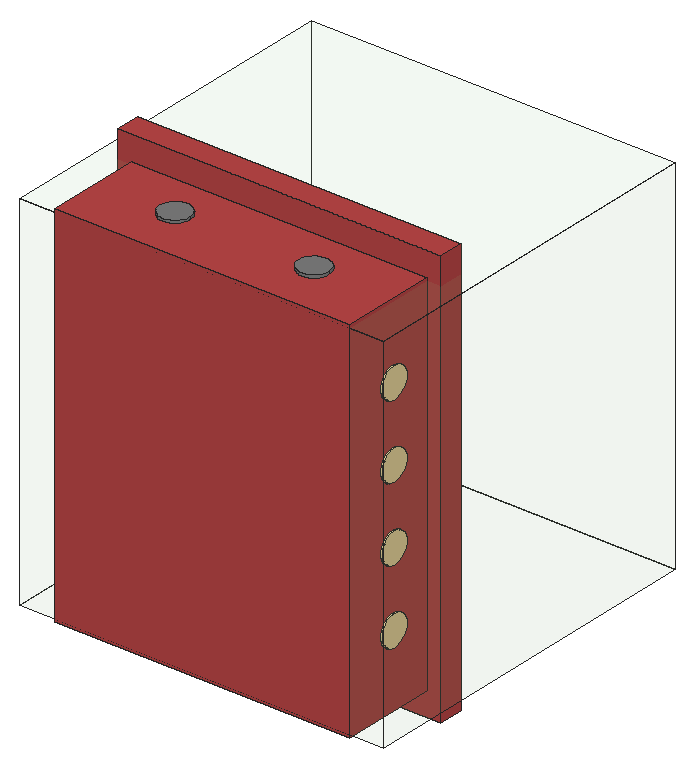
Revit family "ZETA_Коробка_Клемная_КС-30_40", category Электрические приборы, Revit 2021
Family settings
  Сохранять ориентацию аннотаций = Нет
  Размер круглого соединителя = Использовать диаметр
  Тип детали = Нормальный
  На основе рабочей плоскости = Да
  Всегда вертикально = Нет
  При загрузке вырезать с полостями = Нет
  Общий = Нет
  Точка принадлежности помещению = Да
Parameters (values of type "КС_40_IP65_Металл.заглушки")
  УГО_Ширина = 10 mm
  УГО_Смещение_Х [instance] = 0 mm
  УГО_Смещение_Y [instance] = 0 mm
  УГО_Высота = 5 mm
  Температура эксплуатации = "от -40°С до +60°С"
  Сечение жил до = "4мм2"
  Сертификат = "RU C-RU.АД84.В.00192/20"
  Потолочное размещение [instance] = no
  Default Elevation = 1219.2 mm
  Описание = "Коробки клеммные с наборными зажимами применяются для соединения и\r\nразветвления вторичных и силовых цепей, выполняемых контрольными кабелями с\r\nчислом жил до 52 и силовыми кабелями с алюминиевыми или медными жилами\r\nсечением 1,5—4 мм2."
  Номинальный ток = "до 25A"
  Напряжение постоянного тока = "440 В"
  Напряжение переменного тока = "660 В"
  Крышка_Ширина = 160 mm
  Крышка_Длина = 190 mm
  Климатическое исполнение = "УХЛ1,5"
  Изготовитель = "АО «ЗЭТА»"  # constant formula
  Изготавливается по = "ТУ 27.33.13.120-047-99856433-2020"
  URL = "https://nzeta.ru/"
  D4 = 40 mm
  D3 = 20 mm
  D2 = 32 mm
  D1 = 25 mm
  В_УГО_Смещение_У [instance] = УГО_Смещение_Y + 2000 mm  # 2000 mm
  В_УГО_Смещение_X [instance] = УГО_Смещение_Х + 2000 mm  # 2000 mm
  ADSK_Ток = 0 A
  ADSK_Степень защиты_IP = "IP65"
  ADSK_Размер_Ширина = 266 mm
  ADSK_Размер_УголПоворота [instance] = if(Потолочное размещение, -90.00°, 180.00°)  # 180.00°
  ADSK_Размер_Длина = 345 mm
  ADSK_Размер_Высота = 107 mm
  ADSK_Примечание [instance] = ""
  ADSK_Полная мощность = 0 VA
  ADSK_Позиция [instance] = ""
  ADSK_Обозначение = "KK"
  ADSK_Номинальная мощность = 0 W
  ADSK_Номер стояка = ""
  ADSK_Номер линии = 0
  ADSK_Напряжение = 230 V
  ADSK_Наименование краткое = "КС-40"
  ADSK_Наименование = "Коробка соединительная КС-40 УХЛ1,5 IP65 металлические заглушки ГОФРОМАТИК"
  ADSK_Материал наименование = "Сталь оцинкованная"
  ADSK_Масса_Текст = "4,912"
  ADSK_Масса = 4.912
  ADSK_Марка = "KK КС-40 УХЛ1,5 IP65"
  ADSK_Коэффициент мощности = 1
  ADSK_Количество фаз числовое = 1  # constant formula
  ADSK_Количество фаз = 1
  ADSK_Количество = 1
  ADSK_Код изделия = "zeta30356"
  ADSK_Классификация нагрузок = Прочее
  ADSK_Завод-изготовитель = "АО «ЗЭТА»"  # constant formula
  ADSK_Единица измерения = "шт"  # constant formula
  ADSK_Версия семейства = "v.1"  # constant formula
  ADSK_Версия Revit = "2021"
  ADSK_URL страницы изделия = "https://nzeta.ru/catalog/?q=zeta30356"
  ADSK_URL документации изделия = "https://nzeta.ru/upload/uf/4ea/sag2fwobafgun10hl5xvfz9dqlnkosga/passport.pdf"
Types (6, lengths in mm): name | Потолочное размещение | Климатическое исполнение | ADSK_Степень защиты_IP | ADSK_Размер_УголПоворота | ADSK_Наименование краткое | ADSK_Наименование | ADSK_Масса_Текст | ADSK_Масса | ADSK_Марка | ADSK_Код изделия | ADSK_URL страницы изделия | ADSK_URL документации изделия
  КС_30_IP65 | yes | "УХЛ1,5" | "IP65" | -90.00° | "КC-30" | "Коробка соединительная КС-30 УХЛ1,5 IP65 латунный ввод ГОФРОМАТИК" | "4,0" | 4 | "KK КC-30 УХЛ1,5 IP65" | "zeta30351" | "https://nzeta.ru/catalog/?q=zeta30351" | "https://nzeta.ru/upload/uf/4ea/sag2fwobafgun10hl5xvfz9dqlnkosga/passport.pdf"
  КС_30_IP54 | yes | "У2" | "IP54" | -90.00° | "КC-30" | "Коробка соединительная КС-30 У2 IP54 пластиковый ввод ГОФРОМАТИК" | "4,0" | 4 | "KK КC-30 У2 IP54" | "zeta30347" | "https://nzeta.ru/catalog/?q=zeta30347" | "https://nzeta.ru/upload/uf/c32/fivanwdyt0ej9p2ks6s20qoypp22xhlk/passport.pdf"
  КС_30_IP65_Метал.заглушки | yes | "УХЛ1,5" | "IP65" | -90.00° | "КC-30" | "Коробка соединительная КС-30 УХЛ1,5  IP65 металлические заглушки ГОФРОМАТИК" | "4,2" | 4.2 | "KK КC-30 УХЛ1,5 IP65" | "zeta30355" | "https://nzeta.ru/catalog/?q=zeta30355" | "https://nzeta.ru/upload/uf/e3a/m7xh2n07og35realpm8vrdvxe5lbirl2/passport.pdf"
  КС_40_IP65 | yes | "УХЛ1,5" | "IP65" | -90.00° | "КС-40" | "Коробка соединительная КС-40 УХЛ1,5 IP65 латунный ввод ГОФРОМАТИК" | "4,2" | 4.2 | "KK КС-40 УХЛ1,5 IP65" | "zeta30352" | "https://nzeta.ru/catalog/?q=zeta30352" | "https://nzeta.ru/upload/uf/4ea/sag2fwobafgun10hl5xvfz9dqlnkosga/passport.pdf"
  КС_40_IP65_Металл.заглушки | no | "УХЛ1,5" | "IP65" | 180.00° | "КС-40" | "Коробка соединительная КС-40 УХЛ1,5 IP65 металлические заглушки ГОФРОМАТИК" | "4,912" | 4.912 | "KK КС-40 УХЛ1,5 IP65" | "zeta30356" | "https://nzeta.ru/catalog/?q=zeta30356" | "https://nzeta.ru/upload/uf/4ea/sag2fwobafgun10hl5xvfz9dqlnkosga/passport.pdf"
  КС_40_IP54 | yes | "У2" | "IP54" | -90.00° | "КC-40" | "Коробка соединительная КС-30 У2 IP54 пластиковый ввод ГОФРОМАТИК" | "4,0" | 4 | "KK КC-40 У2 IP54" | "zeta30348" | "https://nzeta.ru/catalog/?q=zeta30348" | "https://nzeta.ru/upload/uf/c32/fivanwdyt0ej9p2ks6s20qoypp22xhlk/passport.pdf"
Reference planes
  plane 1 "По центру (Вперед/Назад)": y = 0
  plane 2: z = 0
  plane 3 "По центру (Влево/Вправо)": x = 0
  plane 4: x = -2000
  plane 5: y = -2000
  plane 6: x = 0
  plane 7: y = 0
Lines and regions (mm)
  reference lines
    curve 1: line (0, 0, 0) -> (0, 0, -180)
    curve 2: line (0, 0, 0) -> (0, 140, 0)
Dimensions and locks
  "В_УГО_Смещение_X": plane 4 to plane 6
  "В_УГО_Смещение_У": plane 7 to plane 5
  angle curve 2 to curve 1 = 90.00°
  "ADSK_Размер_УголПоворота": angle plane 1 "По центру (Вперед/Назад)" to curve 1
  aligned and locked: level to plane 2
  aligned and locked: plane 6 to nested 1
  aligned and locked: nested 1 to plane 7
  aligned and locked: plane 2 to curve 2
  aligned and locked: plane 1 "По центру (Вперед/Назад)" to curve 1
  aligned and locked: nested 2 to curve 2
Nested families
  nested 1: "УГО_Клеменная_Коробка_(GenAnn)" at (0, 0, 0), УГО_Высота <- "УГО_Высота", УГО_Длина <- "УГО_Ширина", ADSK_Обозначение <- "ADSK_Обозначение", ADSK_Степень защиты_IP <- "ADSK_Степень защиты_IP", type "УГО_Клеменная_Коробка_(GenAnn)", detail levels coarse+medium
    with УГО_Длина 10 mm, УГО_Высота 5 mm, ADSK_Степень защиты_IP "IP65", ADSK_Обозначение "KK"
  nested 2: "ZETA_Коробка_Клемная_КС-30_40_Геометрия" at (0, 0, 0) x (0, 0, -1) z (0, 1, 0), type "КС-30_40", detail levels medium+fine
  nested 3: "Zeta_Зона обслуживания" at (0, 0, 0) x (-1, 0, 0) z (0, 0, -1), type "Зона обслуживания_Куб", detail levels medium+fine
    with Зона обслуживания_Ширина 300 mm, Зона обслуживания_Длина 300 mm, Зона обслуживания_Высота 300 mm
Connectors
  cabletrayconduit at (-123.595, 43.588, 91.442), diameter 32, driven by "D2"
    settings: on nested 2, index 2, connector width 300 mm, connector height 300 mm, connector angle 0.00°, system type 32, placement type 0, profile type 0, connector reference index -1, is primary connector yes, connector utility param no, connector description ""
  cabletrayconduit at (-123.595, 43.588, 30.481), diameter 32, driven by "D2"
    settings: on nested 2, index 3, connector width 300 mm, connector height 300 mm, connector angle 0.00°, system type 32, placement type 0, profile type 0, connector reference index -1, is primary connector no, connector utility param no, connector description ""
  cabletrayconduit at (-123.595, 43.588, -30.481), diameter 40, driven by "D4"
    settings: on nested 2, index 4, connector width 300 mm, connector height 300 mm, connector angle 0.00°, system type 32, placement type 0, profile type 0, connector reference index -1, is primary connector no, connector utility param no, connector description ""
  electrical at (0, 0, 0), driven by "ADSK_Количество фаз", driven by "ADSK_Классификация нагрузок", driven by "ADSK_Напряжение", driven by "ADSK_Полная мощность", driven by "ADSK_Коэффициент мощности"
    settings: on nested 2, index 5, voltage 230 V, apparent load 0 VA, apparent load phase1 0 VA, apparent load phase2 0 VA, apparent load phase3 0 VA, power factor 1, load classification "Прочее", number of poles 1, system type 30, power factor state 1, is connector primary yes, connector utility no, sub classification motor no, connector description ""
  cabletrayconduit at (123.524, 43.588, 91.442), diameter 25, driven by "D1"
    settings: on nested 2, index 7, connector width 300 mm, connector height 300 mm, connector angle 0.00°, system type 32, placement type 0, profile type 0, connector reference index -1, is primary connector no, connector utility param no, connector description ""
  cabletrayconduit at (123.524, 43.588, -91.442), diameter 25, driven by "D1"
    settings: on nested 2, index 8, connector width 300 mm, connector height 300 mm, connector angle 0.00°, system type 32, placement type 0, profile type 0, connector reference index -1, is primary connector no, connector utility param no, connector description ""
  cabletrayconduit at (123.524, 43.588, 30.481), diameter 25, driven by "D1"
    settings: on nested 2, index 9, connector width 300 mm, connector height 300 mm, connector angle 0.00°, system type 32, placement type 0, profile type 0, connector reference index -1, is primary connector no, connector utility param no, connector description ""
  cabletrayconduit at (-123.595, 43.588, -91.442), diameter 32, driven by "D2"
    settings: on nested 2, index 11, connector width 300 mm, connector height 300 mm, connector angle 0.00°, system type 32, placement type 0, profile type 0, connector reference index -1, is primary connector no, connector utility param no, connector description ""
  cabletrayconduit at (-57.269, 43.588, -154.404), diameter 25, driven by "D1"
    settings: on nested 2, index 12, connector width 300 mm, connector height 300 mm, connector angle 0.00°, system type 32, placement type 0, profile type 0, connector reference index -1, is primary connector no, connector utility param no, connector description ""
  cabletrayconduit at (57.269, 43.588, -154.404), diameter 25, driven by "D1"
    settings: on nested 2, index 13, connector width 300 mm, connector height 300 mm, connector angle 0.00°, system type 32, placement type 0, profile type 0, connector reference index -1, is primary connector no, connector utility param no, connector description ""
  cabletrayconduit at (123.524, 43.588, -30.481), diameter 25, driven by "D1"
    settings: on nested 2, index 14, connector width 300 mm, connector height 300 mm, connector angle 0.00°, system type 32, placement type 0, profile type 0, connector reference index -1, is primary connector no, connector utility param no, connector description ""
  cabletrayconduit at (57.269, 43.588, 154.404), diameter 25, driven by "D1"
    settings: on nested 2, index 15, connector width 300 mm, connector height 300 mm, connector angle 0.00°, system type 32, placement type 0, profile type 0, connector reference index -1, is primary connector no, connector utility param no, connector description ""
  cabletrayconduit at (-57.269, 43.588, 154.404), diameter 25, driven by "D1"
    settings: on nested 2, index 16, connector width 300 mm, connector height 300 mm, connector angle 0.00°, system type 32, placement type 0, profile type 0, connector reference index -1, is primary connector no, connector utility param no, connector description ""
Definition of nested family "ZETA_Коробка_Клемная_КС-30_40_Геометрия"
  Parameters (values of type "65-40")
    Привязки_Штуцер = 177.786 mm
    Default Elevation = 1219.2 mm
    Основание_Ширина = ADSK_Размер_Ширина * 0.9142  # 243.177 mm
    Основание_Длина = ADSK_Размер_Длина * 0.8835  # 304.808 mm
    Manufacturer = "АО \"ЗЭТАРУС\""
    D4 = 40 mm
    D3 = 20 mm
    D2 = 32 mm
    D1 = 25 mm
    ADSK_Размер_Ширина = 266 mm
    ADSK_Размер_Длина = 345 mm
    ADSK_Размер_Высота = 106 mm
  Reference planes
    plane 1 "По центру (Вперед/Назад)": y = 0
    plane 2: z = 0
    plane 3 "По центру (Влево/Вправо)": x = 0
    plane 4: x = -152.404
    plane 5: x = 152.404
    plane 6: y = -121.589
    plane 7: y = 121.589
    plane 8: x = -172.5
    plane 9: y = -133
    plane 10: x = 172.5
    plane 11: y = 133
    plane 12: z = 106
    plane 13: z = 79.822
    plane 14: y = -57.269
    plane 15: y = 57.269
    plane 16: z = 43.588
    plane 17: y = -123.595
    plane 18: y = 123.524
    plane 19: x = -30.481
    plane 20: x = -91.442
    plane 21: x = 30.481
    plane 22: x = 91.442
    plane 23: x = 154.404
  Forms (mm)
    Extrusion 1, solid
      sketch origin (0, 0, 0) x (1, 0, 0) y (0, 1, 0)
        loop
          line (-152.404, 121.589) -> (-152.404, -121.589) -> (152.404, -121.589) -> (152.404, 121.589) -> (-152.404, 121.589)
      from 0 to 79.822
    Extrusion 2, solid
      sketch origin (0, 0, 0) x (1, 0, 0) y (0, 1, 0)
        loop
          line (-172.5, 133) -> (-172.5, -133) -> (172.5, -133) -> (172.5, 133) -> (-172.5, 133)
      from 100 to 79.822
    Extrusion 3, solid
      sketch origin (0, 0, 0) x (1, 0, 0) y (0, 0, 1)
        loop
          circle (-91.442, 43.588) r 16
      from 121.589 to 123.595
    Extrusion 4, solid
      sketch origin (43.5, 0, 0) x (1, 0, 0) y (0, 0, 1)
        loop
          circle (-73.981, 43.588) r 16
      from 123.595 to 121.589
    Extrusion 5, solid
      sketch origin (117, 0, 0) x (1, 0, 0) y (0, 0, 1)
        loop
          circle (-86.519, 43.588) r 20
      from 123.595 to 121.589
    Extrusion 6, solid
      sketch origin (85.899, 167.006, 14.478) x (1, 0, 0) y (0, 0, 1)
        loop
          circle (-116.38, 29.11) r 12.5
      from 43.482 to 45.417
    Extrusion 7, solid
      sketch origin (26.528, 167.006, 14.478) x (1, 0, 0) y (0, 0, 1)
        loop
          circle (-117.97, 29.11) r 12.5
      from 43.482 to 45.417
    Extrusion 8, solid
      sketch origin (142.642, 206.667, 14.478) x (1, 0, 0) y (0, 0, 1)
        loop
          circle (-112.162, 29.11) r 12.5
      from 85.079 to 83.144
    Extrusion 9, solid
      sketch origin (197.414, 210.537, 14.478) x (1, 0, 0) y (0, 0, 1)
        loop
          circle (-105.972, 29.11) r 12.5
      from 87.014 to 88.949
    Extrusion 10, solid
      sketch origin (177.962, 0, 0) x (1, 0, 0) y (0, 0, 1)
        loop
          circle (-86.519, 43.588) r 16
      from 123.595 to 121.589
    Extrusion 11, solid
      sketch origin (152.404, 121.589, 0) x (0, -1, 0) y (0, 0, -1)
        loop
          circle (178.857, -43.588) r 12.5
      from 0 to 2
    Extrusion 12, solid
      sketch origin (152.404, 236.126, 0) x (0, -1, 0) y (0, 0, -1)
        loop
          circle (178.857, -43.588) r 12.5
      from 0 to 2
    Extrusion 13, solid
      sketch origin (-154.404, 236.126, 0) x (0, -1, 0) y (0, 0, -1)
        loop
          circle (178.857, -43.588) r 12.5
      from 0 to 2
    Extrusion 14, solid
      sketch origin (-154.404, 121.589, 0) x (0, -1, 0) y (0, 0, -1)
        loop
          circle (178.857, -43.588) r 12.5
      from 0 to 2
  Dimensions and locks
    equal spacing: plane 4, plane 3 "По центру (Влево/Вправо)", plane 5
    equal spacing: plane 7, plane 1 "По центру (Вперед/Назад)", plane 6
    "Основание_Ширина": plane 7 to plane 6
    "Основание_Длина": plane 4 to plane 5
    equal spacing: plane 11, plane 1 "По центру (Вперед/Назад)", plane 9
    equal spacing: plane 8, plane 3 "По центру (Влево/Вправо)", plane 10
    "ADSK_Размер_Ширина": plane 11 to plane 9
    "ADSK_Размер_Длина": plane 8 to plane 10
    "ADSK_Размер_Высота": plane 12 to level
    locked: plane 6 to plane 17 at 2.006
    locked: plane 18 to plane 7 at 1.935
    equal spacing: plane 4, plane 20, plane 19, plane 21, plane 22, plane 5
    equal spacing: plane 15, plane 1 "По центру (Вперед/Назад)", plane 14
    plane 5 to plane 23 = 2 mm
    "D2": diameter of Extrusion 3 sketch curve
    "D2": diameter of Extrusion 4 sketch curve
    "D4": diameter of Extrusion 5 sketch curve
    "D1": diameter of Extrusion 6 sketch curve
    "D1": diameter of Extrusion 7 sketch curve
    "D1": diameter of Extrusion 8 sketch curve
    "D1": diameter of Extrusion 9 sketch curve
    "D2": diameter of Extrusion 10 sketch curve
    "D1": diameter of Extrusion 11 sketch curve
    "D1": diameter of Extrusion 12 sketch curve
    "D1": diameter of Extrusion 13 sketch curve
    "D1": diameter of Extrusion 14 sketch curve
    aligned and locked: level to plane 2
    aligned and locked: Extrusion 1 sketch curve to plane 7
    aligned and locked: plane 4 to Extrusion 1 sketch curve
    aligned and locked: plane 6 to Extrusion 1 sketch curve
    aligned and locked: Extrusion 1 sketch curve to plane 5
    aligned and locked: Extrusion 2 sketch curve to plane 11
    aligned and locked: plane 8 to Extrusion 2 sketch curve
    aligned and locked: plane 9 to Extrusion 2 sketch curve
    aligned and locked: Extrusion 2 sketch curve to plane 10
    aligned and locked: Extrusion 2 to plane 13
    aligned and locked: Extrusion 1 to Extrusion 2
    aligned and locked: plane 16 to Extrusion 3 sketch curve
    aligned and locked: plane 6 to Extrusion 3
    aligned and locked: Extrusion 3 to plane 17
    aligned and locked: plane 18 to Extrusion 6
    aligned and locked: Extrusion 6 to plane 7
    aligned and locked: Extrusion 4 to Extrusion 1
    aligned and locked: Extrusion 4 to plane 17
    aligned and locked: Extrusion 5 to Extrusion 1
    aligned and locked: Extrusion 5 to plane 17
    aligned and locked: plane 16 to Extrusion 5 sketch curve
    aligned and locked: plane 16 to Extrusion 6 sketch curve
    aligned and locked: plane 19 to Extrusion 6 sketch curve
    aligned and locked: plane 7 to Extrusion 7
    aligned and locked: plane 18 to Extrusion 7
    aligned and locked: Extrusion 9 to plane 7
    aligned and locked: plane 18 to Extrusion 9
    aligned and locked: plane 22 to Extrusion 9 sketch curve
    aligned and locked: plane 21 to Extrusion 8 sketch curve
    aligned and locked: plane 20 to Extrusion 7 sketch curve
    aligned and locked: plane 20 to Extrusion 3 sketch curve
    aligned and locked: plane 19 to Extrusion 4 sketch curve
    aligned and locked: plane 21 to Extrusion 5 sketch curve
    aligned and locked: plane 22 to Extrusion 10 sketch curve
    aligned and locked: plane 15 to Extrusion 12 sketch curve
    aligned and locked: plane 23 to Extrusion 12
    aligned and locked: plane 23 to Extrusion 11
  Automatic sketch dimensions
    Extrusion 4 sketch curve to plane 16 = 0 mm
    Extrusion 7 sketch curve to plane 16 = 0 mm
    Extrusion 8 sketch curve to plane 16 = 0 mm
    Extrusion 9 sketch curve to plane 16 = 0 mm
    Extrusion 10 sketch curve to plane 16 = 0 mm
    Extrusion 1 to Extrusion 11 sketch curve = 64.32 mm
    Extrusion 1 to Extrusion 11 sketch curve = 36.234 mm
    Extrusion 1 to Extrusion 12 sketch curve = 36.234 mm
    Extrusion 13 sketch curve to plane 15 = 0 mm
    Extrusion 13 sketch curve to plane 16 = 0 mm
    Extrusion 14 sketch curve to plane 14 = 0 mm
    Extrusion 14 sketch curve to plane 16 = 0 mm
Definition of nested family "Zeta_Зона обслуживания"
  Parameters (values of type "Зона обслуживания_Куб")
    Default Elevation = 1219.2 mm
    Зона обслуживания_Ширина [instance] = 300 mm
    Зона обслуживания_Длина [instance] = 300 mm
    Зона обслуживания_Высота [instance] = 300 mm
  Reference planes
    plane 1 "По центру (Вперед/Назад)": y = 0
    plane 2: z = 0
    plane 3 "По центру (Влево/Вправо)": x = 0
    plane 4: x = -150
    plane 5: x = 150
    plane 6: y = 300
    plane 7: z = 150
    plane 8: z = -150
  Forms (mm)
    Extrusion 1, solid
      sketch origin (0, 0, 0) x (1, 0, 0) y (0, 1, 0)
        loop
          line (-150, 300) -> (-150, 0) -> (150, 0) -> (150, 300) -> (-150, 300)
      from -150 to 150
  Dimensions and locks
    equal spacing: plane 4, plane 3 "По центру (Влево/Вправо)", plane 5
    "Зона обслуживания_Ширина": plane 6 to plane 1 "По центру (Вперед/Назад)"
    "Зона обслуживания_Длина": plane 4 to plane 5
    equal spacing: plane 7, level, plane 8
    "Зона обслуживания_Высота": plane 7 to plane 8
    aligned and locked: level to plane 2
    aligned and locked: Extrusion 1 sketch curve to plane 6
    aligned and locked: plane 4 to Extrusion 1 sketch curve
    aligned and locked: Extrusion 1 sketch curve to plane 5
    aligned and locked: Extrusion 1 to plane 8
    aligned and locked: plane 7 to Extrusion 1
    aligned and locked: plane 1 "По центру (Вперед/Назад)" to Extrusion 1
  Automatic sketch dimensions
    plane 1 "По центру (Вперед/Назад)" to Extrusion 1 sketch curve = 0 mm
Definition of nested family "УГО_Клеменная_Коробка_(GenAnn)"
  Parameters (values of type "УГО_Клеменная_Коробка_(GenAnn)")
    УГО_Длина [instance] = 10 mm
    УГО_Высота [instance] = 5 mm
    ADSK_Степень защиты_IP [instance] = ""
    ADSK_Обозначение [instance] = ""
  Reference planes
    plane 1: y = 0
    plane 2: x = 0
  Lines and regions (mm)
    Filled region 1, type "Filled region 1"
      outline origin (0, 0, 0) x (1, 0, 0) y (0, 1, 0)
        loop
          line (-5, 2.5) -> (-5, -2.5) -> (5, -2.5) -> (5, 2.5) -> (-5, 2.5)
    reference lines
      curve 1: line (-5, 2.5, 0) -> (-5, -2.5, 0)
      curve 2: line (-5, -2.5, 0) -> (5, -2.5, 0)
      curve 3: line (5, 2.5, 0) -> (5, -2.5, 0)
      curve 4: line (-5, 2.5, 0) -> (5, 2.5, 0)
  Text (mm)
    label "KK IP 54" at (0.033, -0.03, 0), shows "ADSK_Обозначение", "ADSK_Степень защиты_IP"
  Dimensions and locks
    equal spacing: curve 1, plane 2, curve 3
    equal spacing: curve 2, plane 1, curve 4
    "УГО_Длина": curve 1 to curve 3
    "УГО_Высота": curve 2 to curve 4
    aligned and locked: Filled region 1 sketch curve to curve 4
    aligned and locked: Filled region 1 sketch curve to curve 1
    aligned and locked: Filled region 1 sketch curve to curve 2
    aligned and locked: Filled region 1 sketch curve to curve 3
